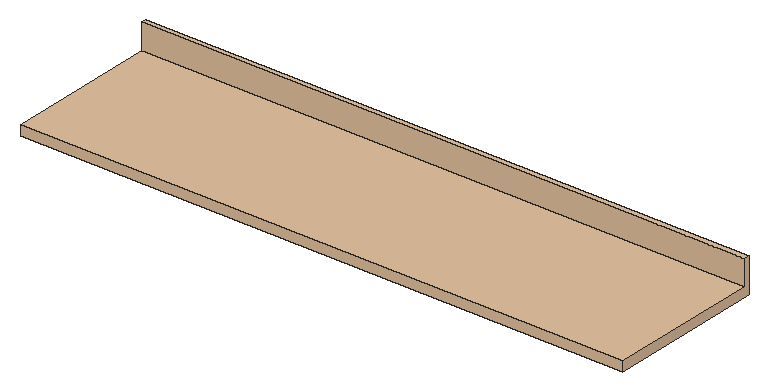
Revit family "575205baac6f4f9291554756871ce858", category Casework, Revit 2021
Family settings
  OmniClass Number = 23.40.35.17.47.11
  OmniClass Title = Kitchen Casework
  Seek Item ID = Counter Top-0000-USA-ENU
  Work Plane-Based = No
  Always vertical = Yes
  Cut with Voids When Loaded = No
  Shared = Yes
  Room Calculation Point = No
Parameters (values of type "24" Depth")
  Default Elevation = 0' - 0"
  Assembly Code = "C1030400"
  Counter Thickness = 0' - 1 1/2"
  Counter Top Material = none
  Depth = 2' - 1"
  Height = 3' - 0"
  Length [instance] = 8' - 0"
Reference planes (in)
  plane 1 "Back": y = 0
  plane 2: z = 0
  plane 3 "Left": x = -47.2623
  plane 4 "Right": x = 48.7377
  plane 5 "Front": y = -25
  plane 6 "Top": z = 36
  plane 7 "Top of Cabinet": z = 34.5
  plane 8: y = -0.75
  plane 9: z = 40
Forms (in)
  Extrusion 1, solid, material <- "Counter Top Material"
    sketch origin (0, 0, 0) x (1, 0, 0) y (0, 1, 0)
      loop
        line (-47.2623, 0) -> (-47.2623, -25) -> (48.7377, -25) -> (48.7377, 0) -> (-47.2623, 0)
    from 34.5 to 36
  Extrusion 2, solid, material <- "Counter Top Material"
    sketch origin (0, 0, 0) x (1, 0, 0) y (0, 1, 0)
      loop
        line (48.7377, 0) -> (-47.2623, 0) -> (-47.2623, -0.75) -> (48.7377, -0.75) -> (48.7377, 0)
    from 36 to 40
Cuts and joins
  joined: Extrusion 1, Extrusion 2
Lines and regions (in)
  Masking region 1
    outline origin (0, 0, 34.5) x (0, -1, 0) y (1, 0, 0)
      loop
        line (0, -47.2623) -> (25, -47.2623) -> (25, 48.7377) -> (0, 48.7377) -> (0, -47.2623)
  symbolic lines, style "Counter Top"
    curve 1: line (48.7377, -0.75, 34.5) -> (-47.2623, -0.75, 34.5)
Dimensions and locks (in)
  "Depth": plane 5 "Front" to plane 1 "Back"
  "Length": plane 3 "Left" to plane 4 "Right"
  "Height": level to plane 6 "Top"
  "Counter Thickness": plane 7 "Top of Cabinet" to plane 6 "Top"
  locked: plane 8 to plane 1 "Back" at 0.75
  plane 6 "Top" to plane 9 = 0' - 4"
  aligned and locked: plane 1 "Back" to Extrusion 1 sketch curve
  aligned and locked: plane 4 "Right" to Extrusion 1 sketch curve
  aligned and locked: Extrusion 1 sketch curve to plane 5 "Front"
  aligned and locked: Extrusion 1 sketch curve to plane 3 "Left"
  aligned and locked: Extrusion 1 to plane 6 "Top"
  aligned and locked: plane 7 "Top of Cabinet" to Extrusion 1
  aligned and locked: Extrusion 2 sketch curve to plane 1 "Back"
  aligned and locked: Extrusion 2 sketch curve to plane 8
  aligned and locked: Extrusion 2 sketch curve to plane 4 "Right"
  aligned and locked: plane 3 "Left" to Extrusion 2 sketch curve
  aligned and locked: Extrusion 2 to plane 9
  aligned and locked: plane 6 "Top" to Extrusion 2
  aligned and locked: Masking region 1 sketch curve to plane 3 "Left"
  aligned and locked: plane 4 "Right" to Masking region 1 sketch curve
  aligned and locked: plane 1 "Back" to Masking region 1 sketch curve
  aligned and locked: Masking region 1 sketch curve to plane 5 "Front"
  aligned and locked: curve 1 to cut or joined group of Extrusion 1, Extrusion 2
Automatic sketch dimensions
  curve 1 to plane 3 "Left" = 0' - 0"
  curve 1 to plane 4 "Right" = 0' - 0"
